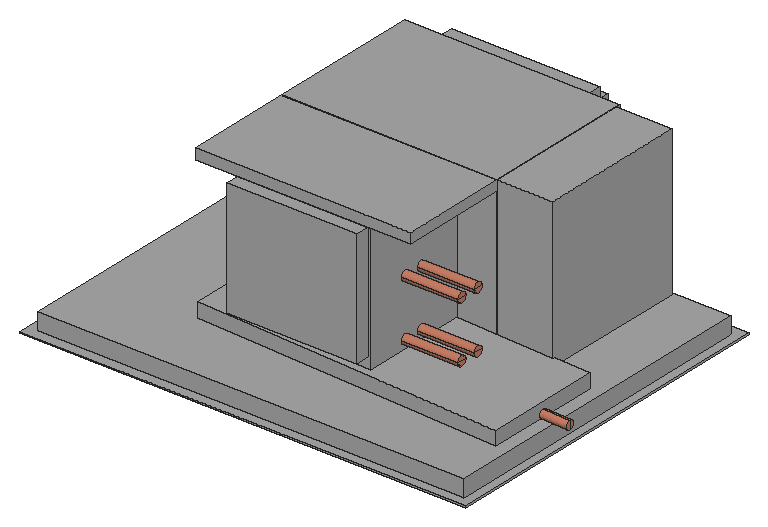
Revit family (continued)
Automatic sketch dimensions
  curve 14 to plane 1 "Center (Front/Back)" = 0' - 0"
  curve 14 to plane 13 "Duct Width Offset Right" = 0' - 0"
  curve 14 to plane 14 "Duct Width Offset Left" = 0' - 0"
  curve 13 to plane 6 "Front" = 0' - 0"
  curve 34 to Blend 4 = 0' - 0"
  curve 32 to Blend 4 = 0' - 0"
  curve 35 to Blend 4 = 0' - 0"  (x2)
  curve 37 to Blend 4 = 0' - 0"
  curve 36 to Blend 4 = 0' - 0"
  curve 38 to Blend 4 = 0' - 0"  (x2)
  plane 24 "Return Header" to Masking region 4 sketch curve = 0' - 0 1/2"
  Masking region 4 sketch curve to Masking region 4 sketch curve = 0' - 1 7/8"
  Masking region 4 sketch curve to plane 24 "Return Header" = 0' - 0 1/2"
  curve 65 to Extrusion 7 = 0' - 0"
  curve 66 to Extrusion 7 = 0' - 0"
  curve 69 to Extrusion 7 = 0' - 0"
  curve 68 to Extrusion 7 = 0' - 0"
  curve 71 to Extrusion 7 = 0' - 0"  (x2)
  curve 72 to Extrusion 7 = 0' - 0"  (x2)
  plane 13 "Duct Width Offset Right" to curve 42 = 0' - 0 9/32"
  plane 13 "Duct Width Offset Right" to curve 41 = 0' - 0 9/32"
  plane 38 "Return Connection Width Right" to curve 46 = 0' - 0 25/32"
  plane 38 "Return Connection Width Right" to curve 45 = 0' - 0 25/32"
  curve 41 to plane 5 "Right" = 0' - 0 13/32"
  curve 45 to plane 5 "Right" = 0' - 0 13/32"
  curve 46 to plane 5 "Right" = 0' - 0 13/32"
  curve 42 to plane 5 "Right" = 0' - 0 13/32"
  curve 43 to plane 12 "Duct Connector Front" = 0' - 2.88427"
  curve 44 to plane 12 "Duct Connector Front" = 0' - 2.88427"
  plane 1 "Center (Front/Back)" to curve 40 = 0' - 1.47806"
  plane 1 "Center (Front/Back)" to curve 39 = 0' - 1.47806"
  curve 44 to plane 1 "Center (Front/Back)" = 0' - 3.86573"
  plane 15 "Back" to curve 39 = 0' - 1.14694"
  plane 15 "Back" to curve 40 = 0' - 1.14694"
  plane 15 "Back" to curve 43 = 0' - 6.61573"
  curve 88 to Extrusion 9 = 0' - 0"
  curve 87 to Extrusion 9 = 0' - 0"
  Extrusion 9 to curve 89 = 0' - 0"
  curve 90 to Extrusion 9 = 0' - 0"
  curve 91 to Extrusion 9 = 0' - 0"
  Extrusion 9 to curve 92 = 0' - 0"
  curve 95 to Extrusion 10 = 0' - 0"  (x2)
  Extrusion 10 to curve 95 = 0' - 1 1/8"
Nested families (in)
  nested 1: "Drain_Pan-JCI-2_Pipes" at (0, -13.2671, 1.875), type "Drain_Pan-JCI-2_Pipes"
    with Width 1' - 11 1/8", Drain Pipe Radius 2 0' - 0 7/16", Drain Pipe Radius 1 0' - 0 7/16", Drain Pan Height 0' - 1 1/2", Drain Pan Angle 2.00°, Depth 1' - 0 5/8", Condensate Pipe Secondary no, CTRL Secondary Pipe Front Offset 0' - 6 1/4"
  nested 2: "FN_Telescoping_JCI-Access_Panel" at (0, -0.6875, 0), visible <- "Ceiling Panel Bottom", type "Sizes 06 to 20"
  nested 3: "Model Name" at (0, 0, 0), type "Model Name", detail levels coarse
Connectors (in)
  hvac at (0, -13.125, 11.25), driven by "Supply Air Connection Height", driven by "Supply Air Connection Width", driven by "Actual Supply Air Flow", driven by "Pressure Drop", driven by "Duct Connector Description"
    settings: on Extrusion 3, index 4
  electrical at (17.5625, 8, 10.625), driven by "Voltage", driven by "Apparent Load", driven by "Power Factor", driven by "Number of Poles", driven by "Electrical Connector Description"
    settings: on Blend 4, index 5
  piping at (13.4375, -4.875, 11), driven by "CTRL Pipe Radius", driven by "Actual Heating Water Flow", driven by "Cooling Coil Water Pressure Drop", driven by "Return Water Connector Description"
    settings: on Revolve 5, index 6
  piping at (13.4375, -7.04688, 11), driven by "CTRL Pipe Supply Radius", driven by "Actual Chilled Water Flow", driven by "Chilled Return Water Connector Description"
    settings: on Revolve 6, index 7
  piping at (24.45094, -6.25, 2.20753), driven by "Condensate Connection Radius", driven by "Condensate Drain Connector Description", driven by "Actual Condensate Drain Flow"
    settings: on nested 1, index 8
  piping at (24.45094, -6.25, 2.20753), driven by "Condensate Connection Radius 2", driven by "Condensate Drain Connector 2 Description", driven by "Secondary Condensate Drain Flow"
    settings: on nested 1, index 9
  hvac at (0, 19.375, 10.25), driven by "Actual Return Air Flow", driven by "Return Air Connection Height", driven by "Return Air Connection Width", driven by "Duct Connector Description 2"
    settings: on Extrusion 10, index 10
  piping at (13.4375, -7.04688, 4.875), driven by "CTRL Pipe Radius", driven by "Heating Coil Water Pressure Drop", driven by "Actual Chilled Water Flow", driven by "Chilled Supply Water Connector Description"
    settings: on Revolve 12, index 11
  piping at (13.4375, -4.875, 4.875), driven by "CTRL Pipe Radius", driven by "Supply Water Connector Description", driven by "Actual Heating Water Flow"
    settings: on Revolve 11, index 12
Definition of nested family "Drain_Pan-JCI-2_Pipes"
  Parameters
    Width = 2' - 0"
    Material = none
    Drain Pipes = none
    Drain Pipe Radius 2 = 0' - 0 1/4"
    Drain Pipe Radius 1 = 0' - 0 1/2"
    Drain Pan Height = 0' - 3"
    Drain Pan Angle = 10.00°
    Depth = 0' - 9 225/256"
    Condensate Pipe Secondary = yes
    CTRL Secondary Pipe Front Offset = if(Condensate Pipe Secondary, 0' 4 1/8", 0' 6 1/4")  # 0' - 4 1/8"
    CTRL Condensate Pipe 2 Length = 0' - 9"  # constant formula
    Auxiliary Drain Pan = no
  Reference planes (in)
    plane 1 "Front": y = 0.7671
    plane 2 "Bottom": z = 0
    plane 3 "Center (Left/Right)": x = 0
    plane 4 "Back": y = 10.64601
    plane 5 "Left": x = -12
    plane 6 "Width Right": x = 12
    plane 7 "Drain Pan Left": x = -11.125
    plane 8 "Drain Pan Right": x = 21.875
    plane 9 "Drain Pipe 1": y = 7.0171
    plane 10 "Drain Pipe 2": y = 4.8921
    plane 11 "Center (Front/Back)": y = 5.70656
    plane 12: y = 7.5171
    plane 13: y = 6.5171
    plane 14: y = 4.6421
    plane 15: y = 5.1421
    plane 16 "Top": z = 4
  Forms (in)
    Extrusion 1, solid, material <- "Material", detail levels medium+fine
      sketch origin (0, 0.7671, 0) x (1, 0, 0) y (0, 0, 1)
        loop
          line (-10.60406, 8.77321) -> (-11.125, 5.81879) -> (21.875, 0) -> (22.39594, 2.95442) -> (-10.60406, 8.77321)
      from -9.87891 to 0
    Revolve 2, solid, material <- "Drain Pipes", detail levels fine
      sketch origin (0, 7.0171, 0) x (-1, 0, 0) y (0, 0, 1)
        loop
          line (-21.96182, 0.4924) -> (-24.91625, -0.02854) -> (-24.82942, -0.52094) -> (-21.875, 0) -> (-21.96182, 0.4924)
        axis (-21.96182, 0.4924) -> (-24.91625, -0.02854)
      angle from 0 to 360
    Revolve 3, solid, material <- "Drain Pipes", visible <- "Condensate Pipe Secondary", detail levels fine
      sketch origin (0, 4.8921, 0) x (-1, 0, 0) y (0, 0, 1)
        loop
          line (-16.00957, 1.28809) -> (-24.87284, -0.27474) -> (-24.82942, -0.52094) -> (-15.96615, 1.04189) -> (-16.00957, 1.28809)
        axis (-16.00957, 1.28809) -> (-24.87284, -0.27474)
      angle from 0 to 360
    Extrusion 4, solid, material <- "Material", visible <- "Auxiliary Drain Pan", detail levels medium+fine
      sketch origin (0, 0.7671, 0) x (1, 0, 0) y (0, 0, 1)
        loop
          line (19.71546, 3.42706) -> (21.875, 3.04628) -> (33.25, 5.052) -> (33.25, 5.81357) -> (19.71546, 3.42706)
      from -9.87891 to 0
  Lines and regions (in)
    Masking region 1
      outline origin (0, 0.7671, 0) x (1, 0, 0) y (0, 0, 1)
        loop
          line (-10.60406, 8.77321) -> (-11.125, 5.81879) -> (21.875, 0) -> (22.39594, 2.95442) -> (-10.60406, 8.77321)
    Masking region 2, detail levels fine
      outline origin (0, 0.7671, 0) x (1, 0, 0) y (0, 0, 1)
        loop
          line (22.04865, 0.98481) -> (21.875, 0) -> (24.82942, -0.52094) -> (25.00307, 0.46386) -> (22.04865, 0.98481)
    Masking region 3, detail levels medium+fine
      outline origin (21.875, 0, 0) x (0, -1, 0) y (0, 0, 1)
        loop
          line (-10.64601, 0) -> (-0.7671, 0) -> (-0.7671, 2.95442) -> (-10.64601, 2.95442) -> (-10.64601, 0)
    Masking region 4, detail levels medium+fine
      outline origin (-11.125, 0, 0) x (0, -1, 0) y (0, 0, 1)
        loop
          line (-0.7671, 8.77321) -> (-10.64601, 8.77321) -> (-10.64601, 5.81879) -> (-0.7671, 5.81879) -> (-0.7671, 8.77321)
    Masking region 5
      outline origin (0, 0, 0) x (0, 1, 0) y (0, 0, 1)
        loop
          line (10.64601, 0) -> (10.64601, 8.77321) -> (0.7671, 8.77321) -> (0.7671, 0) -> (10.64601, 0)
    Masking region 6
      outline origin (0, 0, 0) x (1, 0, 0) y (0, 1, 0)
        loop
          line (22.39594, 0.7671) -> (22.39594, 10.64601) -> (-11.125, 10.64601) -> (-11.125, 0.7671) -> (22.39594, 0.7671)
    Masking region 7
      outline origin (0, 0, 0) x (1, 0, 0) y (0, 1, 0)
        loop
          line (21.875, 0.7671) -> (21.875, 10.64601) -> (-10.60406, 10.64601) -> (-10.60406, 0.7671) -> (21.875, 0.7671)
    Masking region 8, detail levels fine
      outline origin (0, 0, 0) x (1, 0, 0) y (0, 1, 0)
        loop
          line (25.00307, 6.5171) -> (25.00307, 7.5171) -> (22.39594, 7.5171) -> (22.39594, 6.5171) -> (25.00307, 6.5171)
    Masking region 9, visible <- "Condensate Pipe Secondary", detail levels fine
      outline origin (0, 0, 0) x (1, 0, 0) y (0, 1, 0)
        loop
          line (25.00307, 4.6421) -> (25.00307, 5.1421) -> (22.39594, 5.1421) -> (22.39594, 4.6421) -> (25.00307, 4.6421)
    Masking region 10, visible <- "Auxiliary Drain Pan", detail levels medium+fine
      outline origin (0, 0.7671, 0) x (1, 0, 0) y (0, 0, 1)
        loop
          line (33.25, 5.81357) -> (19.71546, 3.42706) -> (21.875, 3.04628) -> (33.25, 5.052) -> (33.25, 5.81357)
    Masking region 11, visible <- "Auxiliary Drain Pan", detail levels medium+fine
      outline origin (33.25, 0.7671, 5.052) x (0, 0, 1) y (0, -1, 0)
        loop
          line (0.76157, 0) -> (0, 0) -> (0, -9.87891) -> (0.76157, -9.87891) -> (0.76157, 0)
    Masking region 12, visible <- "Auxiliary Drain Pan", detail levels medium+fine
      outline origin (33.25, 0.7671, 5.052) x (0, 0, 1) y (0, -1, 0)
        loop
          line (-3.69779, 0) -> (-3.69779, -9.87891) -> (0.76157, -9.87891) -> (0.76157, 0) -> (-3.69779, 0)
    Masking region 13, visible <- "Auxiliary Drain Pan", detail levels medium+fine
      outline origin (0, 0, 4) x (-1, 0, 0) y (0, -1, 0)
        loop
          line (-33.25, -10.64601) -> (-19.71546, -10.64601) -> (-19.71546, -0.7671) -> (-33.25, -0.7671) -> (-33.25, -10.64601)
    Masking region 14
      outline origin (21.875, 12.09756, 3.47622) x (0, -1, 0) y (0, 0, 1)
        loop
          spline (6.00411, -2.96684) -> (5.99559, -2.90238) -> (5.97061, -2.84232) -> (5.93088, -2.79074) -> (5.87911, -2.75116) -> (5.81881, -2.72628) -> (5.75411, -2.71779) -> (5.6894, -2.72628) -> (5.62911, -2.75116) -> (5.57733, -2.79074) -> (5.5376, -2.84232) -> (5.51263, -2.90238) -> (5.50411, -2.96684)
          spline (5.50411, -2.96684) -> (5.51263, -3.0313) -> (5.5376, -3.09137) -> (5.57733, -3.14295) -> (5.62911, -3.18252) -> (5.6894, -3.2074) -> (5.75411, -3.21589) -> (5.81881, -3.2074) -> (5.87911, -3.18252) -> (5.93088, -3.14295) -> (5.97061, -3.09137) -> (5.99559, -3.0313) -> (6.00411, -2.96684)
    reference lines
      curve 1: line (21.875, 0.7671, 0) -> (-11.125, 0.7671, 5.81879)
      curve 2: line (-11.125, 0.7671, 5.81879) -> (-10.60406, 0.7671, 8.77321)
      curve 3: line (-10.60406, 0.7671, 8.77321) -> (22.39594, 0.7671, 2.95442)
      curve 4: line (22.39594, 0.7671, 2.95442) -> (21.875, 0.7671, 0)
      curve 5: line (25.00307, 0.7671, 0.46386) -> (24.91625, 0.7671, -0.02854)
      curve 6: line (21.96182, 0.7671, 0.4924) -> (24.91625, 0.7671, -0.02854)
      curve 22: line (21.91841, 0.7671, 0.2462) -> (24.87284, 0.7671, -0.27474)
      curve 23: line (24.87284, 0.7671, -0.27474) -> (24.82942, 0.7671, -0.52094)
    model lines, style "Fan Coil Drain Pipes", detail levels coarse+medium
      curve 7: line (21.96182, 7.0171, 0.4924) -> (24.91625, 7.0171, -0.02854)
    model lines, style "Fan Coil Drain Pipes", visible <- "Condensate Pipe Secondary", detail levels coarse+medium
      curve 8: line (21.91841, 4.8921, 0.2462) -> (24.87284, 4.8921, -0.27474)
    symbolic lines, style "Fan Coil Drain Pipes", detail levels coarse+medium
      curve 9: line (21.96182, 0.7671, 0.4924) -> (24.91625, 0.7671, -0.02854)
    model lines, style "Fan Coil Drain Pan", detail levels coarse
      curve 10: line (-10.60406, 10.64601, 8.77321) -> (22.39594, 10.64601, 2.95442)
      curve 11: line (22.39594, 10.64601, 2.95442) -> (21.875, 10.64601, 0)
      curve 12: line (21.875, 10.64601, 0) -> (-11.125, 10.64601, 5.81879)
      curve 13: line (-11.125, 10.64601, 5.81879) -> (-10.60406, 10.64601, 8.77321)
      curve 14: line (-10.60406, 0.7671, 8.77321) -> (22.39594, 0.7671, 2.95442)
      curve 15: line (22.39594, 0.7671, 2.95442) -> (21.875, 0.7671, 0)
      curve 16: line (21.875, 0.7671, 0) -> (-11.125, 0.7671, 5.81879)
      curve 17: line (-11.125, 0.7671, 5.81879) -> (-10.60406, 0.7671, 8.77321)
      curve 18: line (21.875, 10.64601, 0) -> (21.875, 0.7671, 0)
      curve 19: line (22.39594, 10.64601, 2.95442) -> (22.39594, 0.7671, 2.95442)
      curve 20: line (-10.60406, 0.7671, 8.77321) -> (-10.60406, 10.64601, 8.77321)
      curve 21: line (-11.125, 10.64601, 5.81879) -> (-11.125, 0.7671, 5.81879)
    symbolic lines, style "Fan Coil Pipes", visible <- "Condensate Pipe Secondary", detail levels coarse+medium
      curve 24: line (25.00307, 4.8921, 0) -> (22.39594, 4.8921, 0)
    symbolic lines, style "Fan Coil Pipes", detail levels coarse+medium
      curve 25: line (25.00307, 7.0171, 0) -> (22.39594, 7.0171, 0)
    model lines, style "Fan Coil Drain Pan", visible <- "Auxiliary Drain Pan", detail levels coarse
      curve 26: line (33.25, 10.64601, 5.81357) -> (19.71546, 10.64601, 3.42706)
      curve 27: line (19.71546, 10.64601, 3.42706) -> (19.71546, 0.7671, 3.42706)
      curve 28: line (19.71546, 0.7671, 3.42706) -> (33.25, 0.7671, 5.81357)
      curve 29: line (33.25, 0.7671, 5.81357) -> (33.25, 10.64601, 5.81357)
      curve 30: line (33.25, 10.64601, 5.052) -> (21.875, 10.64601, 3.04628)
      curve 31: line (21.875, 10.64601, 3.04628) -> (21.875, 0.7671, 3.04628)
      curve 32: line (21.875, 0.7671, 3.04628) -> (33.25, 0.7671, 5.052)
      curve 33: line (33.25, 0.7671, 5.052) -> (33.25, 10.64601, 5.052)
      curve 34: line (33.25, 0.7671, 5.81357) -> (33.25, 0.7671, 5.052)
      curve 35: line (33.25, 10.64601, 5.052) -> (33.25, 10.64601, 5.81357)
    model lines, style "Fan Coil Drain Pipes", detail levels fine
      curve 36: circle (24.91625, 7.0171, -0.02854) r 0.5 normal (-0.9848, 0, 0.1736)
    model lines, style "Fan Coil Drain Pipes", visible <- "Condensate Pipe Secondary", detail levels fine
      curve 37: circle (24.87284, 4.8921, -0.27474) r 0.25 normal (-0.9848, 0, 0.1736)
  Dimensions and locks (in)
    "Depth": plane 4 "Back" to plane 1 "Front"
    equal spacing: plane 5 "Left", plane 3 "Center (Left/Right)", plane 6 "Width Right"
    "Width": plane 5 "Left" to plane 6 "Width Right"
    locked: plane 6 "Width Right" to plane 8 "Drain Pan Right" at 9.875
    locked: plane 5 "Left" to plane 7 "Drain Pan Left" at 0.875
    "Drain Pan Height": curve 3 to curve 1
    locked: curve 4 to curve 5 at 3
    "Drain Pipe Radius 1": curve 6 to curve 1
    "Drain Pipe Radius 1": curve 6 to curve 5
    equal spacing: plane 4 "Back", plane 11 "Center (Front/Back)", plane 1 "Front"
    equal spacing: plane 12, plane 9 "Drain Pipe 1", plane 13
    locked: plane 9 "Drain Pipe 1" to plane 1 "Front" at 6.25
    "Drain Pipe Radius 1": plane 9 "Drain Pipe 1" to plane 13
    "Drain Pipe Radius 2": curve 22 to curve 1
    locked: curve 4 to curve 23 at 3
    equal spacing: plane 15, plane 10 "Drain Pipe 2", plane 14
    "Drain Pipe Radius 2": plane 10 "Drain Pipe 2" to plane 14
    "CTRL Secondary Pipe Front Offset": plane 10 "Drain Pipe 2" to plane 1 "Front"
    locked: Extrusion 1 to Revolve 3 sketch curve at 6
    "CTRL Condensate Pipe 2 Length": Revolve 3 sketch curve to Revolve 3 sketch curve
    locked: Extrusion 4 sketch curve to Extrusion 4 sketch curve at 0.75
    locked: plane 8 "Drain Pan Right" to Extrusion 4 sketch curve at 11.375
    locked: plane 16 "Top" to plane 2 "Bottom" at 4
    "Drain Pan Angle": angle curve 1 to plane 2 "Bottom"
    locked: curve 2 to curve 3 (angle 90.00°)
    locked: curve 4 to curve 1 (angle 90.00°)
    locked: Extrusion 4 sketch curve to Extrusion 4 sketch curve (angle 20.00°)
    locked: curve 3 to Extrusion 4 sketch curve (angle 20.00°)
    aligned and locked: level to plane 2 "Bottom"
    aligned and locked: plane 2 "Bottom" to curve 1
    aligned and locked: plane 8 "Drain Pan Right" to curve 1
    aligned and locked: plane 7 "Drain Pan Left" to curve 1
    aligned and locked: Extrusion 1 sketch curve to curve 3
    aligned and locked: Extrusion 1 sketch curve to curve 4
    aligned and locked: Extrusion 1 sketch curve to curve 1
    aligned and locked: Extrusion 1 sketch curve to curve 2
    aligned and locked: plane 4 "Back" to Extrusion 1
    aligned and locked: plane 1 "Front" to Extrusion 1
    aligned and locked: Revolve 2 sketch curve to curve 6
    aligned and locked: curve 5 to Revolve 2 sketch curve
    aligned and locked: curve 4 to Revolve 2 sketch curve  (x2)
    aligned and locked: Revolve 2 sketch curve to curve 1
    aligned and locked: Revolve 2 sketch curve to curve 5
    aligned and locked: Revolve 2 sketch curve to Revolve 2 sketch curve
    aligned and locked: curve 4 to Revolve 3 sketch curve
    aligned and locked: curve 5 to Revolve 3 sketch curve
    aligned and locked: Revolve 3 sketch curve to Revolve 3 sketch curve
    aligned and locked: Revolve 3 sketch curve to curve 1
    aligned and locked: curve 7 to curve 6
    aligned and locked: curve 4 to curve 8
    aligned and locked: curve 4 to curve 7
    aligned and locked: curve 5 to curve 8
    aligned and locked: curve 5 to curve 7
    aligned and locked: Masking region 1 sketch curve to curve 3
    aligned and locked: Masking region 1 sketch curve to curve 4
    aligned and locked: Masking region 1 sketch curve to curve 1
    aligned and locked: Masking region 1 sketch curve to curve 2
    aligned and locked: curve 4 to Masking region 2 sketch curve
    aligned and locked: Masking region 2 sketch curve to curve 1
    aligned and locked: Masking region 2 sketch curve to curve 5  (x2)
    aligned and locked: curve 9 to curve 6
    aligned and locked: curve 4 to curve 9
    aligned and locked: curve 5 to curve 9
    aligned and locked: Masking region 3 sketch curve to Extrusion 1  (x3)
    aligned and locked: Extrusion 1 to Masking region 3 sketch curve
    aligned and locked: Masking region 4 sketch curve to Extrusion 1  (x4)
    aligned and locked: Masking region 4 to Masking region 5 sketch curve
    aligned and locked: Masking region 3 to Masking region 5 sketch curve
    aligned and locked: Masking region 5 sketch curve to Extrusion 1
    aligned and locked: Masking region 5 sketch curve to plane 4 "Back"
    aligned and locked: Masking region 6 sketch curve to Extrusion 1  (x2)
    aligned and locked: Masking region 6 sketch curve to plane 7 "Drain Pan Left"
    aligned and locked: Masking region 6 sketch curve to plane 1 "Front"
    aligned and locked: Masking region 7 sketch curve to Extrusion 1
    aligned and locked: plane 8 "Drain Pan Right" to Masking region 7 sketch curve
    aligned and locked: Masking region 7 sketch curve to plane 4 "Back"
    aligned and locked: Masking region 7 sketch curve to plane 1 "Front"
    aligned and locked: curve 14 to curve 3
    aligned and locked: curve 15 to curve 4
    aligned and locked: curve 16 to curve 1
    aligned and locked: curve 17 to curve 2
    aligned and locked: curve 2 to curve 13
    aligned and locked: curve 12 to curve 1
    aligned and locked: curve 10 to curve 3
    aligned and locked: curve 11 to curve 4
    aligned and locked: curve 18 to Extrusion 1
    aligned and locked: curve 19 to Extrusion 1
    aligned and locked: curve 20 to Extrusion 1
    aligned and locked: curve 21 to Extrusion 1
    aligned and locked: curve 23 to curve 1
    aligned and locked: Revolve 3 sketch curve to curve 22
    aligned and locked: Masking region 8 sketch curve to plane 12
    aligned and locked: plane 13 to Masking region 8 sketch curve
    aligned and locked: Masking region 8 sketch curve to curve 19
    aligned and locked: Masking region 8 sketch curve to curve 5
    aligned and locked: Masking region 9 sketch curve to curve 19
    aligned and locked: Masking region 9 sketch curve to plane 15
    aligned and locked: plane 14 to Masking region 9 sketch curve
    aligned and locked: Masking region 9 sketch curve to curve 5
    aligned and locked: plane 9 "Drain Pipe 1" to curve 25
    aligned and locked: plane 10 "Drain Pipe 2" to curve 24
    aligned and locked: curve 19 to curve 25
    aligned and locked: Masking region 8 to curve 25
    aligned and locked: Masking region 9 to curve 24
    aligned and locked: curve 19 to curve 24
    aligned and locked: curve 8 to curve 22
    aligned and locked: curve 3 to Extrusion 4 sketch curve
    aligned and locked: plane 8 "Drain Pan Right" to Extrusion 4 sketch curve
    aligned and locked: plane 4 "Back" to Extrusion 4
    aligned and locked: plane 1 "Front" to Extrusion 4
    aligned and locked: Extrusion 4 to curve 26
    aligned and locked: curve 27 to Extrusion 4
    aligned and locked: curve 28 to Extrusion 4
    aligned and locked: curve 29 to Extrusion 4
    aligned and locked: Extrusion 4 to curve 34
    aligned and locked: Extrusion 4 to curve 35
    aligned and locked: Masking region 10 sketch curve to Extrusion 4  (x4)
    aligned and locked: Extrusion 4 to Masking region 11 sketch curve  (x2)
    aligned and locked: Masking region 11 sketch curve to Extrusion 4  (x2)
    aligned and locked: Extrusion 4 to Masking region 12 sketch curve
    aligned and locked: Masking region 12 sketch curve to Masking region 11
    aligned and locked: Masking region 12 sketch curve to Extrusion 4
    aligned and locked: curve 27 to Masking region 13 sketch curve
    aligned and locked: Masking region 13 sketch curve to curve 28
    aligned and locked: Masking region 13 sketch curve to curve 29
    aligned and locked: Masking region 13 sketch curve to Extrusion 4
    aligned and locked: curve 36 to Revolve 2
    aligned and locked: curve 37 to Revolve 3
  Automatic sketch dimensions
    Masking region 7 sketch curve to plane 4 "Back" = 0' - 0"
    curve 19 to Extrusion 1 = 0' - 0"  (x2)
    curve 20 to Extrusion 1 = 0' - 0"  (x2)
    curve 21 to Extrusion 1 = 0' - 0"  (x2)
    curve 18 to plane 1 "Front" = 0' - 0"
    curve 18 to plane 4 "Back" = 0' - 0"
    curve 34 to Extrusion 4 = 0' - 0"  (x2)
    curve 35 to Extrusion 4 = 0' - 0"  (x2)
    curve 30 to Extrusion 4 = 0' - 0"  (x2)
    curve 32 to Extrusion 4 = 0' - 0"  (x2)
    Masking region 12 sketch curve to Extrusion 4 = 0' - 3.69779"
    Masking region 14 sketch curve to Masking region 3 = 0' - 0.50938"
    Masking region 14 sketch curve to Masking region 3 = 0' - 5.57635"
    Masking region 14 sketch curve to Masking region 14 sketch curve = 0' - 0 1/4"
Definition of nested family "FN_Telescoping_JCI-Access_Panel"
  Parameters (values of type "06")
    Width = if(1 = 1, Overall Width - 0' 2 1/8", 1' 0")  # 3' - 9 7/8"
    Unit Size = "06"
    Total Telescoping Height = 0' - 6 1/2"
    Telescoping Filter = no
    Slip Collar Width = if(1 = 1, Fixed Collar Width - 0' 0 1/8", 1' 0")  # 1' - 3 7/8"
    Slip Collar Depth = 1' - 4 1/4"  # constant formula
    Overall Width = if(CTRL Unit Size = 6, 4' 0", if(CTRL Unit Size = 8, 4' 5", if(CTRL Unit Size = 10, 4' 9", if(CTRL Unit Size = 12, 5' 2", if(CTRL Unit Size = 14, 5' 7", if(CTRL Unit Size = 16, 6' 0", if(CTRL Unit Size = 18, 6' 5", if(CTRL Unit Size = 20, 6' 9", 4' 0"))))))))  # 4' - 0"
    Overall Depth = 3' - 2"  # constant formula
    Material = none
    Fixed Collar Width = if(CTRL Unit Size = 6, 1' 4", if(CTRL Unit Size = 8, 1' 8", if(CTRL Unit Size = 10, 2' 1", if(CTRL Unit Size = 12, 2' 8", if(CTRL Unit Size = 14, 3' 0", if(CTRL Unit Size = 16, 3' 4", if(CTRL Unit Size = 18, 3' 9", if(CTRL Unit Size = 20, 4' 2", 1' 4"))))))))  # 1' - 4"
    Fixed Collar Height = if(CTRL Total Telescoping Height < 0' 5", CTRL Total Telescoping Height - 0' 1 3/4", 0' 3 1/4")  # 0' - 3 1/4"
    Fixed Collar Depth = 1' - 4 3/4"  # constant formula
    Door Line = if(Telescoping Filter, 1' 8 1/2", 1' 6 3/4")  # 1' - 6 3/4"
    Depth = 2' - 11 7/8"  # constant formula
    CTRL Unit Size = 6
    CTRL Total Telescoping Height = if(Total Telescoping Height < 0' 3 1/4", 0' 3 1/4", if(Total Telescoping Height > 0' 6 1/2", 0' 6 1/2", Total Telescoping Height))  # 0' - 6 1/2"
  Reference planes (in)
    plane 1 "Center (Front/Back)": y = 0
    plane 2 "Bottom": z = 0
    plane 3 "Center (Left/Right)": x = 0
    plane 4 "Left Overall Width": x = -24
    plane 5 "Right Overall Width": x = 24
    plane 6 "Back of Overall Depth": y = 19
    plane 7 "Front of Overall Depth": y = -19
    plane 8 "Left Width": x = -22.9375
    plane 9 "Right Width": x = 22.9375
    plane 10 "Back of Depth": y = 17.9375
    plane 11 "Front of Depth": y = -17.9375
    plane 12 "Top of Lip": z = 0.125
    plane 13 "Top of Bottom Lip": z = 1.875
    plane 14 "Top of Top Flange": z = 6.625
    plane 15 "Bottom of Fixed Collar": z = 3.375
    plane 16 "Top of Slip Collar": z = 3.375
    plane 17 "Collar Offset From Back": y = 17.6875
    plane 18 "Left Slip Collar": x = -7.9375
    plane 19 "Right Slip Collar": x = 7.9375
    plane 20 "Left Fixed Collar": x = -8
    plane 21 "Right Fixed Collar": x = 8
    plane 22 "Back Slip Collar": y = 17.0625
    plane 23 "Front Slip Collar": y = 0.8125
    plane 24 "Collar Center (F/B)": y = 8.9375
    plane 25 "Back Fixed Collar": y = 17.3125
    plane 26 "Front Fixed Collar": y = 0.5625
    plane 27 "Fixed Collar Left Offset": x = -8.4375
    plane 28 "Back Top Flange": y = 17.5625
    plane 29 "Fixed Collar Right Offset": x = 8.4375
    plane 30 "Front Top Flange": y = 0.3125
    plane 31 "Door Line": y = -1.0625
    plane 32 "Right Top Flange": x = 12
    plane 33 "Left Top Flange": x = -12
    plane 34 "Bottom of Top Flange": z = 6.5
    plane 35 "Grille Bottom": z = -0.125
  Forms (in)
    Extrusion 1, solid, material <- "Material", detail levels medium+fine
      sketch origin (0, 0, 0) x (1, 0, 0) y (0, 1, 0)
        loop
          line (-24, 19) -> (-24, -19) -> (24, -19) -> (24, 19) -> (-24, 19)
      from 0 to 0.125
    Extrusion 2, solid, material <- "Material"
      sketch origin (0, 0, 0) x (1, 0, 0) y (0, 1, 0)
        loop
          line (-22.9375, 17.9375) -> (-22.9375, -17.9375) -> (22.9375, -17.9375) -> (22.9375, 17.9375) -> (-22.9375, 17.9375)
      from 0 to 1.875
    Extrusion 3, solid, material <- "Material", visible <- "Telescoping Filter", detail levels medium+fine
      sketch origin (0, 0, 0) x (1, 0, 0) y (0, 1, 0)
        loop
          line (-7.9375, 17.0625) -> (-7.9375, 0.8125) -> (7.9375, 0.8125) -> (7.9375, 17.0625) -> (-7.9375, 17.0625)
      from -0.125 to 3.375
    Extrusion 4, solid, material <- "Material", visible <- "Telescoping Filter", detail levels medium+fine
      sketch origin (0, 0, 0) x (1, 0, 0) y (0, 1, 0)
        loop
          line (-8, 17.3125) -> (-8, 0.5625) -> (8, 0.5625) -> (8, 17.3125) -> (-8, 17.3125)
      from 3.375 to 6.625
    Extrusion 5, solid, material <- "Material", visible <- "Telescoping Filter", detail levels fine
      sketch origin (0, 0, 0) x (1, 0, 0) y (0, 1, 0)
        loop
          line (8, 17.0625) -> (8, 0.8125) -> (12, 0.8125) -> (12, 17.0625) -> (8, 17.0625)
        loop
          line (-12, 17.0625) -> (-12, 0.8125) -> (-8, 0.8125) -> (-8, 17.0625) -> (-12, 17.0625)
      from 6.5 to 6.625
    Extrusion 6, solid, material <- "Material", visible <- "Telescoping Filter", detail levels fine
      sketch origin (0, 0, 0) x (1, 0, 0) y (0, 1, 0)
        loop
          line (-8, 0.5625) -> (-8, 0.3125) -> (8, 0.3125) -> (8, 0.5625) -> (-8, 0.5625)
        loop
          line (-8, 17.5625) -> (-8, 17.3125) -> (8, 17.3125) -> (8, 17.5625) -> (-8, 17.5625)
      from 6.5 to 6.625
  Lines and regions (in)
    Masking region 1, visible <- "Telescoping Filter", detail levels fine
      outline origin (0, 0, 0) x (1, 0, 0) y (0, 0, 1)
        loop
          line (-12, 6.625) -> (-12, 6.5) -> (-8, 6.5) -> (-8, 6.625) -> (-12, 6.625)
        loop
          line (12, 6.5) -> (12, 6.625) -> (8, 6.625) -> (8, 6.5) -> (12, 6.5)
    Masking region 2, visible <- "Telescoping Filter"
      outline origin (0, 0, 0) x (1, 0, 0) y (0, 0, 1)
        loop
          line (-7.9375, 3.375) -> (-7.9375, 1.875) -> (7.9375, 1.875) -> (7.9375, 3.375) -> (-7.9375, 3.375)
    Masking region 3, visible <- "Telescoping Filter"
      outline origin (0, 0, 0) x (1, 0, 0) y (0, 0, 1)
        loop
          line (-8, 3.375) -> (8, 3.375) -> (8, 6.625) -> (-8, 6.625) -> (-8, 3.375)
    Masking region 4
      outline origin (0, -17.9375, 0) x (-1, 0, 0) y (0, 0, 1)
        loop
          line (22.9375, 1.875) -> (-22.9375, 1.875) -> (-22.9375, 0.125) -> (-24, 0.125) -> (-24, 0) -> (24, 0) -> (24, 0.125) -> (22.9375, 0.125) -> (22.9375, 1.875)
    Masking region 5
      outline origin (0, 0, 0) x (0, 1, 0) y (0, 0, 1)
        loop
          line (17.9375, 0.125) -> (17.9375, 1.875) -> (-17.9375, 1.875) -> (-17.9375, 0.125) -> (-19, 0.125) -> (-19, 0) -> (19, 0) -> (19, 0.125) -> (17.9375, 0.125)
    Masking region 6, visible <- "Telescoping Filter", detail levels medium+fine
      outline origin (0, 0, 0) x (1, 0, 0) y (0, 0, 1)
        loop
          line (-7.9375, 0) -> (-7.9375, -0.125) -> (7.9375, -0.125) -> (7.9375, 0) -> (-7.9375, 0)
    Masking region 7, visible <- "Telescoping Filter"
      outline origin (0, 0, 0) x (0, 1, 0) y (0, 0, 1)
        loop
          line (17.0625, 3.375) -> (0.8125, 3.375) -> (0.8125, 1.875) -> (17.0625, 1.875) -> (17.0625, 3.375)
    Masking region 8, visible <- "Telescoping Filter", detail levels fine
      outline origin (0, 0, 0) x (0, 1, 0) y (0, 0, 1)
        loop
          line (17.5625, 6.625) -> (17.3125, 6.625) -> (17.3125, 6.5) -> (17.5625, 6.5) -> (17.5625, 6.625)
        loop
          line (0.5625, 6.625) -> (0.3125, 6.625) -> (0.3125, 6.5) -> (0.5625, 6.5) -> (0.5625, 6.625)
    Masking region 9, visible <- "Telescoping Filter"
      outline origin (0, 0, 0) x (0, 1, 0) y (0, 0, 1)
        loop
          line (17.3125, 3.375) -> (17.3125, 6.625) -> (0.5625, 6.625) -> (0.5625, 3.375) -> (17.3125, 3.375)
    Masking region 10, visible <- "Telescoping Filter", detail levels medium+fine
      outline origin (0, 0, 0) x (0, 1, 0) y (0, 0, 1)
        loop
          line (17.0625, 0) -> (0.8125, 0) -> (0.8125, -0.125) -> (17.0625, -0.125) -> (17.0625, 0)
    Masking region 11
      outline origin (0, 0, 0.125) x (-1, 0, 0) y (0, -1, 0)
        loop
          line (24, -19) -> (24, 19) -> (-24, 19) -> (-24, -19) -> (24, -19)
    Masking region 12, visible <- "Telescoping Filter"
      outline origin (0, 0, 0.125) x (-1, 0, 0) y (0, -1, 0)
        loop
          line (8, -0.5625) -> (-8, -0.5625) -> (-8, -17.3125) -> (8, -17.3125) -> (8, -0.5625)
    Masking region 13, visible <- "Telescoping Filter", detail levels fine
      outline origin (0, 0, 0.125) x (-1, 0, 0) y (0, -1, 0)
        loop
          line (8, -0.3125) -> (-8, -0.3125) -> (-8, -0.5625) -> (8, -0.5625) -> (8, -0.3125)
        loop
          line (8, -17.3125) -> (-8, -17.3125) -> (-8, -17.5625) -> (8, -17.5625) -> (8, -17.3125)
    Masking region 14, visible <- "Telescoping Filter", detail levels fine
      outline origin (0, 0, 0.125) x (-1, 0, 0) y (0, -1, 0)
        loop
          line (12, -0.8125) -> (8, -0.8125) -> (8, -17.0625) -> (12, -17.0625) -> (12, -0.8125)
        loop
          line (-8, -0.8125) -> (-12, -0.8125) -> (-12, -17.0625) -> (-8, -17.0625) -> (-8, -0.8125)
    model lines, style "Fan Coil Unit", visible <- "Telescoping Filter", detail levels medium+fine
      curve 1: line (-8.4375, 17.5625, 0) -> (8.4375, 17.5625, 0)
      curve 2: line (-8.4375, 0.3125, 0) -> (-8.4375, 17.5625, 0)
      curve 3: line (8.4375, 0.3125, 0) -> (8.4375, 17.5625, 0)
      curve 4: line (-8.4375, 0.3125, 0) -> (8.4375, 0.3125, 0)
      curve 19: line (-7.9375, 17.0625, 1.875) -> (7.9375, 17.0625, 1.875)
      curve 20: line (-7.9375, 0.8125, 1.875) -> (-7.9375, 17.0625, 1.875)
      curve 21: line (7.9375, 0.8125, 1.875) -> (7.9375, 17.0625, 1.875)
      curve 22: line (-7.9375, 0.8125, 1.875) -> (7.9375, 0.8125, 1.875)
    model lines, style "Fan Coil Unit", detail levels medium+fine
      curve 5: line (-22.9375, -1.0625, 0) -> (22.9375, -1.0625, 0)
      curve 6: line (-22.9375, -17.9375, 0) -> (-22.9375, 17.9375, 0)
      curve 7: line (-22.9375, 17.9375, 0) -> (22.9375, 17.9375, 0)
      curve 8: line (22.9375, -17.9375, 0) -> (22.9375, 17.9375, 0)
      curve 9: line (-22.9375, -17.9375, 0) -> (22.9375, -17.9375, 0)
    model lines, style "Fan Coil Unit", visible <- "Telescoping Filter"
      curve 10: line (-7.9375, 17.0625, 0) -> (7.9375, 17.0625, 0)
      curve 11: line (-7.9375, 0.8125, 0) -> (-7.9375, 17.0625, 0)
      curve 12: line (7.9375, 0.8125, 0) -> (7.9375, 17.0625, 0)
      curve 13: line (-7.9375, 0.8125, 0) -> (7.9375, 0.8125, 0)
    model lines, style "Fan Coil Unit", detail levels fine
      curve 14: line (22.9375, 17.9375, 0) -> (24, 19, 0)
      curve 15: line (-24, 19, 0) -> (-22.9375, 17.9375, 0)
      curve 16: line (-22.9375, -17.9375, 0) -> (-24, -19, 0)
      curve 17: line (22.9375, -17.9375, 0) -> (24, -19, 0)
    model lines, style "Fan Coil Unit", visible <- "Telescoping Filter", detail levels fine
      curve 18: line (0, 17.0625, -0.125) -> (0, 0.8125, -0.125)
    symbolic lines, style "Fan Coil Unit", detail levels medium+fine
      curve 23: line (-22.9375, 0, 0.125) -> (22.9375, 0, 0.125)
      curve 24: line (0, 17.9375, 0.125) -> (0, -17.9375, 0.125)
      curve 25: line (22.9375, 17.9375, 0.125) -> (22.9375, -17.9375, 0.125)
      curve 26: line (-22.9375, 17.9375, 0.125) -> (-22.9375, -17.9375, 0.125)
      curve 27: line (-22.9375, -17.9375, 0.125) -> (22.9375, -17.9375, 0.125)
      curve 28: line (-22.9375, 17.9375, 0.125) -> (22.9375, 17.9375, 0.125)
  Dimensions and locks (in)
    equal spacing: plane 4 "Left Overall Width", plane 3 "Center (Left/Right)", plane 5 "Right Overall Width"
    "Overall Width": plane 4 "Left Overall Width" to plane 5 "Right Overall Width"
    equal spacing: plane 6 "Back of Overall Depth", plane 1 "Center (Front/Back)", plane 7 "Front of Overall Depth"
    "Overall Depth": plane 6 "Back of Overall Depth" to plane 7 "Front of Overall Depth"
    "Depth": plane 10 "Back of Depth" to plane 11 "Front of Depth"
    equal spacing: plane 10 "Back of Depth", plane 1 "Center (Front/Back)", plane 11 "Front of Depth"
    equal spacing: plane 8 "Left Width", plane 3 "Center (Left/Right)", plane 9 "Right Width"
    "Width": plane 8 "Left Width" to plane 9 "Right Width"
    locked: plane 12 "Top of Lip" to plane 2 "Bottom" at 0.125
    locked: plane 13 "Top of Bottom Lip" to plane 2 "Bottom" at 1.875
    "CTRL Total Telescoping Height": plane 14 "Top of Top Flange" to plane 12 "Top of Lip"
    "Fixed Collar Height": plane 14 "Top of Top Flange" to plane 15 "Bottom of Fixed Collar"
    locked: plane 16 "Top of Slip Collar" to plane 12 "Top of Lip" at 3.25
    locked: plane 10 "Back of Depth" to plane 17 "Collar Offset From Back" at 0.25
    equal spacing: plane 18 "Left Slip Collar", plane 3 "Center (Left/Right)", plane 19 "Right Slip Collar"
    "Slip Collar Width": plane 18 "Left Slip Collar" to plane 19 "Right Slip Collar"
    equal spacing: plane 20 "Left Fixed Collar", plane 3 "Center (Left/Right)", plane 21 "Right Fixed Collar"
    "Fixed Collar Width": plane 20 "Left Fixed Collar" to plane 21 "Right Fixed Collar"
    "Slip Collar Depth": plane 22 "Back Slip Collar" to plane 23 "Front Slip Collar"
    equal spacing: plane 22 "Back Slip Collar", plane 24 "Collar Center (F/B)", plane 23 "Front Slip Collar"
    "Fixed Collar Depth": plane 25 "Back Fixed Collar" to plane 26 "Front Fixed Collar"
    locked: plane 25 "Back Fixed Collar" to plane 22 "Back Slip Collar" at 0.25
    locked: plane 28 "Back Top Flange" to plane 22 "Back Slip Collar" at 0.5
    locked: plane 27 "Fixed Collar Left Offset" to plane 18 "Left Slip Collar" at 0.5
    locked: plane 19 "Right Slip Collar" to plane 29 "Fixed Collar Right Offset" at 0.5
    locked: plane 23 "Front Slip Collar" to plane 30 "Front Top Flange" at 0.5
    "Door Line": plane 17 "Collar Offset From Back" to plane 31 "Door Line"
    plane 33 "Left Top Flange" to plane 20 "Left Fixed Collar" = 0' - 4"
    plane 21 "Right Fixed Collar" to plane 32 "Right Top Flange" = 0' - 4"
    locked: plane 14 "Top of Top Flange" to plane 34 "Bottom of Top Flange" at 0.125
    plane 15 "Bottom of Fixed Collar" to plane 12 "Top of Lip" = 0' - 3 1/4"
    aligned and locked: Extrusion 1 sketch curve to plane 6 "Back of Overall Depth"
    aligned and locked: Extrusion 1 sketch curve to plane 4 "Left Overall Width"
    aligned and locked: plane 7 "Front of Overall Depth" to Extrusion 1 sketch curve
    aligned and locked: plane 5 "Right Overall Width" to Extrusion 1 sketch curve
    aligned and locked: plane 12 "Top of Lip" to Extrusion 1
    aligned and locked: Extrusion 1 to plane 2 "Bottom"
    aligned and locked: Extrusion 2 sketch curve to plane 10 "Back of Depth"
    aligned and locked: Extrusion 2 sketch curve to plane 8 "Left Width"
    aligned and locked: plane 11 "Front of Depth" to Extrusion 2 sketch curve
    aligned and locked: plane 9 "Right Width" to Extrusion 2 sketch curve
    aligned and locked: plane 13 "Top of Bottom Lip" to Extrusion 2
    aligned and locked: Extrusion 3 sketch curve to plane 22 "Back Slip Collar"
    aligned and locked: Extrusion 3 sketch curve to plane 18 "Left Slip Collar"
    aligned and locked: plane 23 "Front Slip Collar" to Extrusion 3 sketch curve
    aligned and locked: plane 19 "Right Slip Collar" to Extrusion 3 sketch curve
    aligned and locked: plane 16 "Top of Slip Collar" to Extrusion 3
    aligned and locked: Extrusion 4 sketch curve to plane 25 "Back Fixed Collar"
    aligned and locked: plane 20 "Left Fixed Collar" to Extrusion 4 sketch curve
    aligned and locked: plane 21 "Right Fixed Collar" to Extrusion 4 sketch curve
    aligned and locked: plane 26 "Front Fixed Collar" to Extrusion 4 sketch curve
    aligned and locked: plane 14 "Top of Top Flange" to Extrusion 4
    aligned and locked: Extrusion 4 to plane 15 "Bottom of Fixed Collar"
    aligned and locked: curve 2 to plane 27 "Fixed Collar Left Offset"
    aligned and locked: curve 3 to plane 29 "Fixed Collar Right Offset"
    aligned and locked: plane 30 "Front Top Flange" to curve 2
    aligned and locked: plane 28 "Back Top Flange" to curve 2
    aligned and locked: plane 27 "Fixed Collar Left Offset" to curve 1
    aligned and locked: plane 29 "Fixed Collar Right Offset" to curve 1
    aligned and locked: plane 28 "Back Top Flange" to curve 3
    aligned and locked: plane 30 "Front Top Flange" to curve 3
    aligned and locked: curve 5 to plane 31 "Door Line"
    aligned and locked: plane 18 "Left Slip Collar" to curve 10
    aligned and locked: plane 22 "Back Slip Collar" to curve 11
    aligned and locked: plane 19 "Right Slip Collar" to curve 10
    aligned and locked: plane 19 "Right Slip Collar" to curve 13
    aligned and locked: plane 18 "Left Slip Collar" to curve 13
    aligned and locked: plane 23 "Front Slip Collar" to curve 11
    aligned and locked: curve 14 to Extrusion 1
    aligned and locked: plane 9 "Right Width" to curve 14
    aligned and locked: plane 10 "Back of Depth" to curve 14
    aligned and locked: Extrusion 1 to curve 15
    aligned and locked: plane 8 "Left Width" to curve 15
    aligned and locked: plane 10 "Back of Depth" to curve 15
    aligned and locked: curve 16 to Extrusion 1
    aligned and locked: plane 8 "Left Width" to curve 16
    aligned and locked: plane 11 "Front of Depth" to curve 16
    aligned and locked: Extrusion 1 to curve 17
    aligned and locked: plane 9 "Right Width" to curve 17
    aligned and locked: plane 11 "Front of Depth" to curve 17
    aligned and locked: plane 32 "Right Top Flange" to Extrusion 5 sketch curve
    aligned and locked: Extrusion 5 sketch curve to plane 33 "Left Top Flange"
    aligned and locked: plane 14 "Top of Top Flange" to Extrusion 5
    aligned and locked: Extrusion 5 to plane 34 "Bottom of Top Flange"
    aligned and locked: Extrusion 5 sketch curve to plane 20 "Left Fixed Collar"
    aligned and locked: Extrusion 5 sketch curve to plane 21 "Right Fixed Collar"
    aligned and locked: plane 21 "Right Fixed Collar" to Extrusion 6 sketch curve  (x2)
    aligned and locked: plane 30 "Front Top Flange" to Extrusion 6 sketch curve
    aligned and locked: Extrusion 6 sketch curve to plane 26 "Front Fixed Collar"
    aligned and locked: plane 20 "Left Fixed Collar" to Extrusion 6 sketch curve  (x2)
    aligned and locked: plane 14 "Top of Top Flange" to Extrusion 6
    aligned and locked: Extrusion 6 to plane 34 "Bottom of Top Flange"
    aligned and locked: Extrusion 5 sketch curve to plane 22 "Back Slip Collar"  (x2)
    aligned and locked: plane 23 "Front Slip Collar" to Extrusion 5 sketch curve  (x2)
    aligned and locked: plane 25 "Back Fixed Collar" to Extrusion 6 sketch curve
    aligned and locked: Extrusion 6 sketch curve to plane 28 "Back Top Flange"
    aligned and locked: Extrusion 3 to plane 35 "Grille Bottom"
    aligned and locked: Masking region 1 sketch curve to plane 14 "Top of Top Flange"
    aligned and locked: Masking region 1 sketch curve to plane 34 "Bottom of Top Flange"
    aligned and locked: plane 32 "Right Top Flange" to Masking region 1 sketch curve  (x2)
    aligned and locked: plane 14 "Top of Top Flange" to Masking region 1 sketch curve  (x3)
    aligned and locked: plane 34 "Bottom of Top Flange" to Masking region 1 sketch curve  (x3)
    aligned and locked: plane 33 "Left Top Flange" to Masking region 1 sketch curve  (x2)
    aligned and locked: plane 20 "Left Fixed Collar" to Masking region 1 sketch curve
    aligned and locked: plane 21 "Right Fixed Collar" to Masking region 1 sketch curve  (x2)
    aligned and locked: Masking region 2 sketch curve to plane 16 "Top of Slip Collar"
    aligned and locked: plane 18 "Left Slip Collar" to Masking region 2 sketch curve
    aligned and locked: Masking region 2 sketch curve to plane 18 "Left Slip Collar"
    aligned and locked: Masking region 2 sketch curve to plane 13 "Top of Bottom Lip"
    aligned and locked: plane 19 "Right Slip Collar" to Masking region 2 sketch curve  (x2)
    aligned and locked: plane 16 "Top of Slip Collar" to Masking region 2 sketch curve
    aligned and locked: plane 13 "Top of Bottom Lip" to Masking region 2 sketch curve
    aligned and locked: Masking region 3 sketch curve to plane 14 "Top of Top Flange"
    aligned and locked: plane 20 "Left Fixed Collar" to Masking region 3 sketch curve  (x2)
    aligned and locked: plane 21 "Right Fixed Collar" to Masking region 3 sketch curve  (x2)
    aligned and locked: plane 14 "Top of Top Flange" to Masking region 3 sketch curve
    aligned and locked: plane 15 "Bottom of Fixed Collar" to Masking region 3 sketch curve  (x2)
    aligned and locked: plane 8 "Left Width" to Masking region 4 sketch curve  (x2)
    aligned and locked: Masking region 4 sketch curve to plane 2 "Bottom"
    aligned and locked: plane 4 "Left Overall Width" to Masking region 4 sketch curve  (x2)
    aligned and locked: Masking region 4 sketch curve to plane 13 "Top of Bottom Lip"
    aligned and locked: plane 9 "Right Width" to Masking region 4 sketch curve  (x2)
    aligned and locked: plane 5 "Right Overall Width" to Masking region 4 sketch curve  (x2)
    aligned and locked: plane 13 "Top of Bottom Lip" to Masking region 4 sketch curve
    aligned and locked: plane 12 "Top of Lip" to Masking region 4 sketch curve
    aligned and locked: plane 2 "Bottom" to Masking region 4 sketch curve
    aligned and locked: Masking region 4 sketch curve to plane 12 "Top of Lip"  (x2)
    aligned and locked: curve 23 to plane 12 "Top of Lip"
    aligned and locked: plane 8 "Left Width" to curve 23
    aligned and locked: plane 9 "Right Width" to curve 23
    aligned and locked: Masking region 5 sketch curve to plane 11 "Front of Depth"
    aligned and locked: plane 12 "Top of Lip" to Masking region 5 sketch curve  (x3)
    aligned and locked: plane 13 "Top of Bottom Lip" to Masking region 5 sketch curve  (x2)
    aligned and locked: plane 2 "Bottom" to Masking region 5 sketch curve  (x2)
    aligned and locked: plane 7 "Front of Overall Depth" to Masking region 5 sketch curve  (x2)
    aligned and locked: Masking region 5 sketch curve to plane 6 "Back of Overall Depth"
    aligned and locked: Masking region 5 sketch curve to plane 12 "Top of Lip"
    aligned and locked: plane 10 "Back of Depth" to Masking region 5 sketch curve  (x2)
    aligned and locked: plane 6 "Back of Overall Depth" to Masking region 5 sketch curve
    aligned and locked: plane 11 "Front of Depth" to Masking region 5 sketch curve
    aligned and locked: plane 18 "Left Slip Collar" to Masking region 6 sketch curve  (x2)
    aligned and locked: plane 35 "Grille Bottom" to Masking region 6 sketch curve  (x2)
    aligned and locked: Masking region 6 sketch curve to plane 2 "Bottom"
    aligned and locked: plane 19 "Right Slip Collar" to Masking region 6 sketch curve  (x2)
    aligned and locked: plane 2 "Bottom" to Masking region 6 sketch curve
    aligned and locked: plane 10 "Back of Depth" to curve 24
    aligned and locked: plane 11 "Front of Depth" to curve 24
    aligned and locked: curve 24 to plane 12 "Top of Lip"
    aligned and locked: plane 16 "Top of Slip Collar" to Masking region 7 sketch curve  (x2)
    aligned and locked: plane 13 "Top of Bottom Lip" to Masking region 7 sketch curve  (x2)
    aligned and locked: Masking region 7 sketch curve to plane 22 "Back Slip Collar"
    aligned and locked: plane 22 "Back Slip Collar" to Masking region 7 sketch curve
    aligned and locked: plane 23 "Front Slip Collar" to Masking region 7 sketch curve  (x2)
    aligned and locked: plane 34 "Bottom of Top Flange" to Masking region 8 sketch curve
    aligned and locked: plane 14 "Top of Top Flange" to Masking region 8 sketch curve
    aligned and locked: plane 25 "Back Fixed Collar" to Masking region 8 sketch curve  (x2)
    aligned and locked: plane 28 "Back Top Flange" to Masking region 8 sketch curve  (x2)
    aligned and locked: Masking region 8 sketch curve to plane 34 "Bottom of Top Flange"
    aligned and locked: plane 26 "Front Fixed Collar" to Masking region 8 sketch curve
    aligned and locked: Masking region 8 sketch curve to plane 14 "Top of Top Flange"
    aligned and locked: plane 30 "Front Top Flange" to Masking region 8 sketch curve
    aligned and locked: plane 26 "Front Fixed Collar" to Masking region 9 sketch curve
    aligned and locked: plane 14 "Top of Top Flange" to Masking region 9 sketch curve  (x2)
    aligned and locked: plane 25 "Back Fixed Collar" to Masking region 9 sketch curve
    aligned and locked: plane 15 "Bottom of Fixed Collar" to Masking region 9 sketch curve  (x2)
    aligned and locked: plane 2 "Bottom" to Masking region 10 sketch curve  (x2)
    aligned and locked: plane 35 "Grille Bottom" to Masking region 10 sketch curve
    aligned and locked: Masking region 10 sketch curve to plane 35 "Grille Bottom"
    aligned and locked: plane 23 "Front Slip Collar" to Masking region 10 sketch curve  (x2)
    aligned and locked: plane 22 "Back Slip Collar" to Masking region 10 sketch curve  (x2)
    aligned and locked: plane 6 "Back of Overall Depth" to Masking region 11 sketch curve  (x2)
    aligned and locked: plane 5 "Right Overall Width" to Masking region 11 sketch curve  (x2)
    aligned and locked: Masking region 11 sketch curve to plane 7 "Front of Overall Depth"
    aligned and locked: plane 4 "Left Overall Width" to Masking region 11 sketch curve  (x2)
    aligned and locked: plane 7 "Front of Overall Depth" to Masking region 11 sketch curve
    aligned and locked: curve 28 to plane 10 "Back of Depth"
    aligned and locked: curve 27 to plane 11 "Front of Depth"
    aligned and locked: plane 9 "Right Width" to curve 25
    aligned and locked: plane 8 "Left Width" to curve 27
    aligned and locked: plane 9 "Right Width" to curve 27
    aligned and locked: plane 8 "Left Width" to curve 28
    aligned and locked: plane 20 "Left Fixed Collar" to Masking region 12 sketch curve  (x2)
    aligned and locked: Masking region 12 sketch curve to plane 25 "Back Fixed Collar"
    aligned and locked: plane 21 "Right Fixed Collar" to Masking region 12 sketch curve
    aligned and locked: plane 25 "Back Fixed Collar" to Masking region 12 sketch curve
    aligned and locked: Masking region 12 sketch curve to plane 21 "Right Fixed Collar"
    aligned and locked: plane 30 "Front Top Flange" to Masking region 13 sketch curve  (x2)
    aligned and locked: Masking region 13 sketch curve to plane 26 "Front Fixed Collar"
    aligned and locked: plane 20 "Left Fixed Collar" to Masking region 13 sketch curve  (x2)
    aligned and locked: plane 21 "Right Fixed Collar" to Masking region 13 sketch curve  (x3)
    aligned and locked: plane 26 "Front Fixed Collar" to Masking region 13 sketch curve
    aligned and locked: Masking region 13 sketch curve to plane 28 "Back Top Flange"
    aligned and locked: Masking region 13 sketch curve to plane 20 "Left Fixed Collar"
    aligned and locked: Masking region 13 sketch curve to plane 25 "Back Fixed Collar"
    aligned and locked: Masking region 12 sketch curve to plane 26 "Front Fixed Collar"
    aligned and locked: plane 26 "Front Fixed Collar" to Masking region 12 sketch curve
    aligned and locked: Masking region 14 sketch curve to plane 21 "Right Fixed Collar"
    aligned and locked: plane 22 "Back Slip Collar" to Masking region 14 sketch curve  (x3)
    aligned and locked: plane 23 "Front Slip Collar" to Masking region 14 sketch curve  (x3)
    aligned and locked: plane 20 "Left Fixed Collar" to Masking region 14 sketch curve
    aligned and locked: Masking region 14 sketch curve to plane 33 "Left Top Flange"
    aligned and locked: Masking region 14 sketch curve to plane 22 "Back Slip Collar"
    aligned and locked: Masking region 14 sketch curve to plane 23 "Front Slip Collar"
    aligned and locked: plane 32 "Right Top Flange" to Masking region 14 sketch curve  (x2)
    aligned and locked: plane 21 "Right Fixed Collar" to Masking region 14 sketch curve
    aligned and locked: Extrusion 2 to plane 2 "Bottom"
  Automatic sketch dimensions
    curve 18 to plane 3 "Center (Left/Right)" = 0' - 0"
    curve 18 to plane 22 "Back Slip Collar" = 0' - 0"
    curve 18 to plane 23 "Front Slip Collar" = 0' - 0"
    curve 22 to plane 19 "Right Slip Collar" = 0' - 0"
    curve 22 to plane 18 "Left Slip Collar" = 0' - 0"
    curve 19 to plane 22 "Back Slip Collar" = 0' - 0"
    curve 22 to plane 23 "Front Slip Collar" = 0' - 0"
    curve 15 to plane 4 "Left Overall Width" = 0' - 0"
    curve 16 to plane 4 "Left Overall Width" = 0' - 0"
    curve 17 to plane 5 "Right Overall Width" = 0' - 0"
    curve 14 to plane 5 "Right Overall Width" = 0' - 0"
Definition of nested family "Model Name"
  Parameters (values of type "Model Name")
    Width = 0' - 0 47/64"
    Model Name = "FCU-FSC"
  Reference planes (in)
    plane 1: y = 0
    plane 2: x = 0
  Text (in)
    label "XX" at (-0.00532, -0.00012, 0), shows "Model Name"
